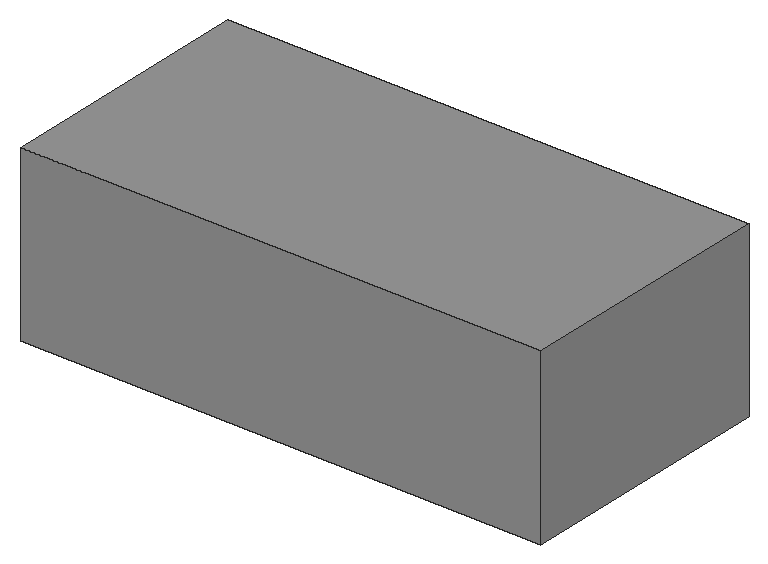
Revit family "Rug", category Generic Models, host Floor, Revit 2013
Reference planes (in)
  plane 1 "Center (Front/Back)": y = 0
  plane 2: z = 0
  plane 3 "Center (Left/Right)": x = 0
  plane 4: x = 36
  plane 5: x = 18
  plane 6: y = 9
  plane 7: y = 18
Forms (in)
  Extrusion 1, solid, material "Rug"
    sketch origin (0, 0, 0) x (1, 0, 0) y (0, 1, 0)
      loop
        line (0, 0) -> (36, 0) -> (36, 18) -> (0, 18) -> (0, 0)
    from 0 to 12
Dimensions and locks (in)
  equal spacing: host sketch curve, plane 1 "Center (Front/Back)", host sketch curve
  equal spacing: host sketch curve, plane 3 "Center (Left/Right)", host sketch curve
  host sketch curve to host sketch curve = 10' - 0"  (x2)
  plane 1 "Center (Front/Back)" to plane 7 = 1' - 6"
  plane 3 "Center (Left/Right)" to plane 4 = 3' - 0"
  equal spacing: plane 3 "Center (Left/Right)", plane 5, plane 4
  equal spacing: plane 1 "Center (Front/Back)", plane 6, plane 7
  aligned and locked: level to plane 2
  aligned and locked: plane 4 to Extrusion 1
  aligned and locked: plane 7 to Extrusion 1
Automatic sketch dimensions
  Extrusion 1 sketch curve to plane 3 "Center (Left/Right)" = 0' - 0"
  Extrusion 1 sketch curve to plane 4 = 0' - 0"
  plane 1 "Center (Front/Back)" to Extrusion 1 sketch curve = 0' - 0"
  Extrusion 1 sketch curve to plane 7 = 0' - 0"
